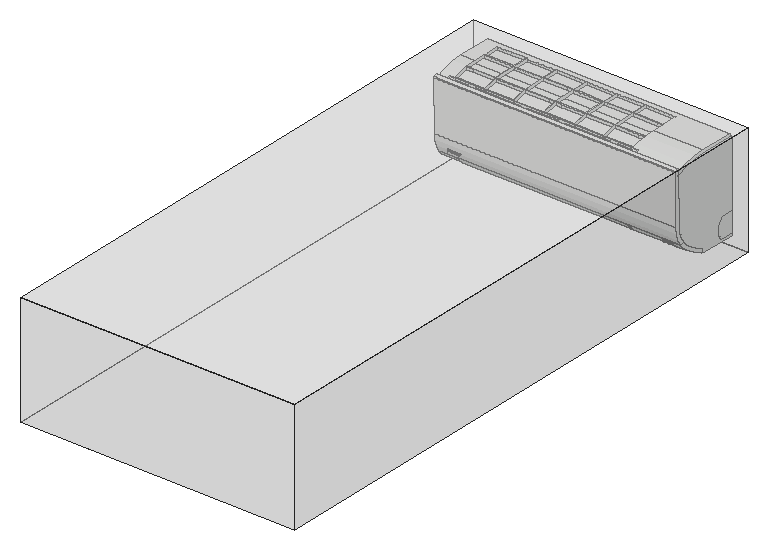
Revit family "outputfile", category 機械設備, Revit 2024
Family settings
  丸型コネクタ寸法 = 半径を使用
  パーツ タイプ = 標準
  OmniClass 番号 = 23.75.10.24.21.27.27
  OmniClass タイトル = Split System Air Conditioning Units
  作業面ベース = いいえ
  常に垂直 = はい
  ロード時にボイドで切り取り = いいえ
  注釈の向きを維持 = いいえ
  共有 = いいえ
  部屋計算ポイント = いいえ
Parameters (values of type "FTKF20CVA")
  Description = ""
  書き出し IFC クラス(タイプ) = "IfcUnitaryEquipmentType"
  定義済み IFC タイプ(タイプ) = "AIRCONDITIONINGUNIT"
  Cost = 0
  Type Comments = ""
  Keynote = ""
  Type Image = (empty or 0)
  Assembly Code = ""
  switch_frequency = yes
  lw_connection [instance] = if(Width = 730.0 mm, 85.0 mm, if(Width = 770.0 mm, 48.0 mm, 60.0 mm))  # 85.0 mm
  製造元 = "Daikin"
  モデル = "FTKF20CVA"
  r_Liquid Pipe Size = Liquid Pipe Size / 2  # 3.2 mm
  r_Gas Pipe Size = Gas Pipe Size / 2  # 4.75 mm
  r_Drain Pipe Size = Drain Pipe Size / 2  # 9.55 mm
  lw_powersupply [instance] = if(Width = 730.0 mm, if(or(Rear Right Connection_refrigerant, Bottom Right Connection_refrigerant), 65.0 mm, if(or(Rear Left Connection_refrigerant, Bottom Left Connection_refrigerant), 695.0 mm, 400.0 mm)), if(Width = 770.0 mm, if(or(Rear Right Connection_refrigerant, Bottom Right Connection_refrigerant), 68.0 mm, if(or(Rear Left Connection_refrigerant, Bottom Left Connection_refrigerant), 705.0 mm, 400.0 mm)), if(or(Rear Right Connection_refrigerant, Bottom Right Connection_refrigerant), 83.0 mm, if(or(Rear Left Connection_refrigerant, Bottom Left Connection_refrigerant), 928.0 mm, 400.0 mm))))  # 400.0 mm
  lw_liquidpipe [instance] = if(Width = 730.0 mm, if(or(Rear Right Connection_refrigerant, Bottom Right Connection_refrigerant), 0.0 mm, if(or(Rear Left Connection_refrigerant, Bottom Left Connection_refrigerant), 582.0 mm, 473.0 mm)), if(Width = 770.0 mm, if(or(Rear Right Connection_refrigerant, Bottom Right Connection_refrigerant), 0.0 mm, if(or(Rear Left Connection_refrigerant, Bottom Left Connection_refrigerant), 682.0 mm, 385.0 mm)), if(or(Rear Right Connection_refrigerant, Bottom Right Connection_refrigerant), 10.0 mm, if(or(Rear Left Connection_refrigerant, Bottom Left Connection_refrigerant), 858.0 mm, 435.0 mm))))  # 473.0 mm
  lw_gaspipe [instance] = if(Width = 730.0 mm, if(or(Rear Right Connection_refrigerant, Bottom Right Connection_refrigerant), 0.0 mm, if(or(Rear Left Connection_refrigerant, Bottom Left Connection_refrigerant), 576.0 mm, 428.0 mm)), if(Width = 770.0 mm, if(or(Rear Right Connection_refrigerant, Bottom Right Connection_refrigerant), 0.0 mm, if(or(Rear Left Connection_refrigerant, Bottom Left Connection_refrigerant), 675.0 mm, 335.0 mm)), if(or(Rear Right Connection_refrigerant, Bottom Right Connection_refrigerant), 0.0 mm, if(or(Rear Left Connection_refrigerant, Bottom Left Connection_refrigerant), 851.0 mm, 400.0 mm))))  # 428.0 mm
  lw_drainpipe [instance] = if(Width = 730.0 mm, if(or(Rear Right Connection_refrigerant, Bottom Right Connection_refrigerant), 0.0 mm, if(or(Rear Left Connection_refrigerant, Bottom Left Connection_refrigerant), 590.0 mm, 488.0 mm)), if(Width = 770.0 mm, if(or(Rear Right Connection_refrigerant, Bottom Right Connection_refrigerant), 0.0 mm, if(or(Rear Left Connection_refrigerant, Bottom Left Connection_refrigerant), 695.0 mm, 440.0 mm)), if(or(Rear Right Connection_refrigerant, Bottom Right Connection_refrigerant), 0.0 mm, if(or(Rear Left Connection_refrigerant, Bottom Left Connection_refrigerant), 888.0 mm, 475.0 mm))))  # 488.0 mm
  l_powersupply_length [instance] = if(Width = 730.0 mm, if(Right Connection_refrigerant, 400.0 mm, if(Left Connection_refrigerant, 330.0 mm, if(or(Bottom Left Connection_refrigerant, Bottom Right Connection_refrigerant), 57.0 mm, if(or(Rear Left Connection_refrigerant, Rear Right Connection_refrigerant), 15.0 mm, 50.0 mm)))), if(Width = 770.0 mm, if(Right Connection_refrigerant, 400.0 mm, if(Left Connection_refrigerant, 370.0 mm, if(or(Bottom Left Connection_refrigerant, Bottom Right Connection_refrigerant), 57.0 mm, if(or(Rear Left Connection_refrigerant, Rear Right Connection_refrigerant), 15.0 mm, 50.0 mm)))), if(Right Connection_refrigerant, 400.0 mm, if(Left Connection_refrigerant, 590.0 mm, if(or(Bottom Left Connection_refrigerant, Bottom Right Connection_refrigerant), 57.0 mm, if(or(Rear Left Connection_refrigerant, Rear Right Connection_refrigerant), 15.0 mm, 50.0 mm))))))  # 400.0 mm
  l_liquidpipe_length [instance] = if(Width = 730.0 mm, if(Right Connection_refrigerant, 558.0 mm, if(Left Connection_refrigerant, 172.0 mm, if(or(Bottom Left Connection_refrigerant, Bottom Right Connection_refrigerant), 48.0 mm, if(or(Rear Left Connection_refrigerant, Rear Right Connection_refrigerant), 30.0 mm, 40.0 mm)))), if(Width = 770.0 mm, if(Right Connection_refrigerant, 433.0 mm, if(Left Connection_refrigerant, 337.0 mm, if(or(Bottom Left Connection_refrigerant, Bottom Right Connection_refrigerant), 48.0 mm, if(or(Rear Left Connection_refrigerant, Rear Right Connection_refrigerant), 30.0 mm, 40.0 mm)))), if(Right Connection_refrigerant, 495.0 mm, if(Left Connection_refrigerant, 495.0 mm, if(or(Bottom Left Connection_refrigerant, Bottom Right Connection_refrigerant), 48.0 mm, if(or(Rear Left Connection_refrigerant, Rear Right Connection_refrigerant), 30.0 mm, 40.0 mm))))))  # 558.0 mm
  l_gaspipe_length [instance] = if(Width = 730.0 mm, if(Right Connection_refrigerant, 513.0 mm, if(Left Connection_refrigerant, 217.0 mm, if(or(Bottom Left Connection_refrigerant, Bottom Right Connection_refrigerant), 57.0 mm, if(or(Rear Left Connection_refrigerant, Rear Right Connection_refrigerant), 40.0 mm, 50.0 mm)))), if(Width = 770.0 mm, if(Right Connection_refrigerant, 383.0 mm, if(Left Connection_refrigerant, 387.0 mm, if(or(Bottom Left Connection_refrigerant, Bottom Right Connection_refrigerant), 57.0 mm, if(or(Rear Left Connection_refrigerant, Rear Right Connection_refrigerant), 40.0 mm, 50.0 mm)))), if(Right Connection_refrigerant, 460.0 mm, if(Left Connection_refrigerant, 530.0 mm, if(or(Bottom Left Connection_refrigerant, Bottom Right Connection_refrigerant), 57.0 mm, if(or(Rear Left Connection_refrigerant, Rear Right Connection_refrigerant), 40.0 mm, 50.0 mm))))))  # 513.0 mm
  l_drainpipe_length [instance] = if(Width = 730.0 mm, if(Right Connection_refrigerant, 573.0 mm, if(Left Connection_refrigerant, 157.0 mm, if(or(Bottom Left Connection_refrigerant, Bottom Right Connection_refrigerant), 35.0 mm, if(or(Rear Left Connection_refrigerant, Rear Right Connection_refrigerant), 15.0 mm, 20.0 mm)))), if(Width = 770.0 mm, if(Right Connection_refrigerant, 488.0 mm, if(Left Connection_refrigerant, 282.0 mm, if(or(Bottom Left Connection_refrigerant, Bottom Right Connection_refrigerant), 35.0 mm, if(or(Rear Left Connection_refrigerant, Rear Right Connection_refrigerant), 15.0 mm, 20.0 mm)))), if(Right Connection_refrigerant, 535.0 mm, if(Left Connection_refrigerant, 455.0 mm, if(or(Bottom Left Connection_refrigerant, Bottom Right Connection_refrigerant), 35.0 mm, if(or(Rear Left Connection_refrigerant, Rear Right Connection_refrigerant), 15.0 mm, 20.0 mm))))))  # 573.0 mm
  h*** = 0.0 mm  # constant formula
  connector_voltage = Voltage_60Hz  # 220 V
  connector_powerinput = [Power Input (Cooling)]  # 0.000 kW
  connector_phase = Phase_60Hz  # 1
  angle_vertical [instance] = if(or(Bottom Left Connection_refrigerant, Bottom Right Connection_refrigerant), 0.00°, 90.00°)  # 90.00°
  angle_horizontal [instance] = if(Right Connection_refrigerant, 90.00°, if(Left Connection_refrigerant, -90.00°, if(or(Rear Left Connection_refrigerant, Rear Right Connection_refrigerant), 180.00°, 0.00°)))  # 90.00°
  Width = 730.0 mm
  Voltage_comment_60Hz = "220"
  Voltage_60Hz = 220 V
  Version = "ver.1.0"
  Unit Type = "Wall Mounted"
  Unit Mass Weight = 8.50 kg
  Unit Designation [instance] = ""
  Uniclass2015Version = "Products v1.30"
  Uniclass2015Title = "Split coil room air conditioning units"
  Uniclass2015Code = "Pr_70_65_03_86"
  URL = ""
  Total Cooling Capacity [instance] = 0.000 kW
  Sound Pressure Level_M speed (dBA) = 33
  Sound Pressure Level_L speed (dBA) = 26
  Sound Pressure Level_H speed (dBA) = 39
  Sound Power Level_H speed (dB) = 0
  Series = "Single Split_Fan Coil Unit"
  Sensible Cooling Capacity [instance] = 0.000 kW
  Refrigerant Type = "R32"
  Power Input (Cooling) = 0.000 kW
  Phase_60Hz = 1
  Option Accessory 3 [instance] = ""
  Option Accessory 2 [instance] = ""
  Option Accessory 1 [instance] = ""
  Nominal Cooling Capacity = 1.990 kW
  Minimum Circuit Amps_60Hz = 0.0 A
  Minimum Airflow = 348.00 m³/h
  Median Airflow = 442.00 m³/h
  Maximum Fuse Amps_60Hz = 0.0 A
  Maximum Airflow = 578.00 m³/h
  Material_Casing = DAIKIN_White_Casing_indoorunit
  Load Classification = HVAC
  Liquid Pipe Size = 6.4 mm
  Link_Nested Family [instance] = ""
  IfcVersion = ""
  IfcExportType = "AIRCONDITIONINGUNIT"
  IfcExportAs = "IfcUnitaryEquipmentType"
  Height = 280.0 mm
  Heat Exchanger Type = "Cross Fin Coil"
  Gas Pipe Size = 9.5 mm
  Frequency_60Hz = 60 Hz
  Fan Type = "Cross Flow Fan"
  Fan Drive = "Direct Drive"
  FCU Tag No. [instance] = ""
  Drain Pipe Size = 19.1 mm
  Design Supply Airflow [instance] = 0.00 m³/h
  Depth = 213.0 mm
  既定の高さ = 0.0 mm
  Cooling Entering Wet Bulb Temperature [instance] = 0.00 °C
  Cooling Entering Dry Bulb Temperature [instance] = 0.00 °C
  Cooling Ambient Wet Bulb Temperature [instance] = 0.00 °C
  Cooling Ambient Dry Bulb Temperature [instance] = 0.00 °C
  Clearance visibility [instance] = yes
  Clearance Top = 30.0 mm
  Clearance Right = 50.0 mm
  Clearance Rear = 0.0 mm
  Clearance Left = 50.0 mm
  Clearance Front = 1500.0 mm
  Clearance Bottom = 30.0 mm
  Bottom Right Connection_refrigerant [instance] = no
  Bottom Left Connection_refrigerant [instance] = no
  Rear Right Connection_refrigerant [instance] = no
  Rear Left Connection_refrigerant [instance] = no
  Right Connection_refrigerant [instance] = yes
  Left Connection_refrigerant [instance] = no
Reference planes
  plane 1 "Back": y = 0
  plane 2: z = 0
  plane 3 "Center (Left/Right)": x = 0
  plane 4 "Center (Front/Back)": y = -106.5
  plane 5 "Front": y = -213
  plane 6 "Left": x = -365
  plane 7 "Right": x = 365
  plane 8 "Top": z = 0
  plane 9 "Bottom": z = -280
  plane 10 "Front panel_Left": x = -363
  plane 11 "Front panel_Right": x = 363
  plane 12: x = 229
  plane 13: x = 224
  plane 14: x = -415
  plane 15: x = 415
  plane 16: y = 0
  plane 17: y = -213
  plane 18: z = 30
  plane 19: z = -310
  plane 20 "lw_Piping and Wiring intake": x = 280
  plane 21 "lw_gaspipe": x = -148
  plane 22 "lw_liquidpipe": x = -193
  plane 23 "lw_drainpipe": x = -208
  plane 24 "lh_drainpipe": z = -245
  plane 25 "lh_liquidpipe": z = -232
  plane 26 "lh_gaspipe": z = -223
  plane 27 "ld_drainpipe": y = -15
  plane 28 "ld_liquidpipe": y = -30
  plane 29 "ld_gaspipe": y = -40
  plane 30 "lw_powersupply": x = -35
  plane 31: y = -1713
Dimensions and locks
  equal spacing: plane 6 "Left", plane 3 "Center (Left/Right)", plane 7 "Right"
  "Width": plane 6 "Left" to plane 7 "Right"
  equal spacing: plane 5 "Front", plane 4 "Center (Front/Back)", plane 1 "Back"
  "Depth": plane 5 "Front" to plane 1 "Back"
  "Height": plane 8 "Top" to plane 9 "Bottom"
  locked: plane 10 "Front panel_Left" to plane 6 "Left" at 2
  locked: plane 7 "Right" to plane 11 "Front panel_Right" at 2
  locked: plane 7 "Right" to plane 12 at 136
  locked: plane 12 to plane 13 at 5
  "Clearance Rear": plane 16 to plane 1 "Back"
  "Clearance Top": plane 18 to plane 8 "Top"
  "Clearance Bottom": plane 9 "Bottom" to plane 19
  "lw_connection": plane 20 "lw_Piping and Wiring intake" to plane 7 "Right"
  "lw_gaspipe": plane 21 "lw_gaspipe" to plane 20 "lw_Piping and Wiring intake"
  "lw_liquidpipe": plane 22 "lw_liquidpipe" to plane 20 "lw_Piping and Wiring intake"
  "lw_drainpipe": plane 23 "lw_drainpipe" to plane 20 "lw_Piping and Wiring intake"
  locked: plane 24 "lh_drainpipe" to plane 9 "Bottom" at 35
  locked: plane 25 "lh_liquidpipe" to plane 9 "Bottom" at 48
  locked: plane 26 "lh_gaspipe" to plane 9 "Bottom" at 57
  locked: plane 27 "ld_drainpipe" to plane 1 "Back" at 15
  locked: plane 1 "Back" to plane 28 "ld_liquidpipe" at 30
  locked: plane 1 "Back" to plane 29 "ld_gaspipe" at 40
  "lw_powersupply": plane 30 "lw_powersupply" to plane 7 "Right"
  "Clearance Left": plane 14 to plane 6 "Left"
  "Clearance Right": plane 7 "Right" to plane 15
  "Clearance Front": plane 5 "Front" to plane 31
  aligned and locked: level to plane 2
  aligned and locked: plane 16 to nested 1
  aligned and locked: nested 1 to plane 14
  aligned and locked: nested 1 to plane 15
  aligned and locked: plane 19 to nested 1
  aligned and locked: plane 18 to nested 1
  aligned and locked: plane 21 "lw_gaspipe" to nested 2
  aligned and locked: nested 2 to plane 29 "ld_gaspipe"
  aligned and locked: plane 22 "lw_liquidpipe" to nested 3
  aligned and locked: nested 3 to plane 28 "ld_liquidpipe"
  aligned and locked: plane 23 "lw_drainpipe" to nested 4
  aligned and locked: nested 4 to plane 27 "ld_drainpipe"
  aligned and locked: nested 5 to plane 27 "ld_drainpipe"
  aligned and locked: plane 30 "lw_powersupply" to nested 5
  aligned and locked: level to plane 8 "Top"
  aligned and locked: nested 1 to plane 31
Nested families
  nested 1: "daikin_clearancespace" at (0, -856.5, -139.881), show <- "Clearance visibility", visible <- "Clearance visibility", Link_Nested Family <- "Link_Nested Family", type "daikin_clearancespace"
    with width 830.0 mm, show yes, height 340.0 mm, depth 1713.0 mm, Link_Nested Family ""
  nested 2: "daikin_connector_rotate3" at (-148, -40, -223), angle_vertical <- "angle_vertical", angle_horizontal <- "angle_horizontal", length <- "l_gaspipe_length", radius <- "r_Gas Pipe Size", type "daikin_connector_rotate3"
    with show no, radius 4.75 mm, length 513.0 mm, angle_vertical 90.00°, angle_horizontal 90.00°
  nested 3: "daikin_connector_rotate3" at (-193, -30, -232), angle_vertical <- "angle_vertical", angle_horizontal <- "angle_horizontal", radius <- "r_Liquid Pipe Size", length <- "l_liquidpipe_length", type "daikin_connector_rotate3"
    with show no, radius 3.2 mm, length 558.0 mm, angle_vertical 90.00°, angle_horizontal 90.00°
  nested 4: "daikin_connector_rotate3" at (-208, -15, -245), angle_vertical <- "angle_vertical", angle_horizontal <- "angle_horizontal", length <- "l_drainpipe_length", radius <- "r_Drain Pipe Size", type "daikin_connector_rotate3"
    with show no, radius 9.55 mm, length 573.0 mm, angle_vertical 90.00°, angle_horizontal 90.00°
  nested 5: "daikin_connector_rotate3" at (-35, -15, -223), angle_vertical <- "angle_vertical", angle_horizontal <- "angle_horizontal", length <- "l_powersupply_length", type "daikin_connector_rotate3"
    with show no, radius 10.0 mm, length 400.0 mm, angle_vertical 90.00°, angle_horizontal 90.00°
  nested 6: "DAIKIN_indoorunit_FTKF-CVA" at (-31, 0, 0), type "FTKF-CVA"
Connectors
  piping at (365, -40, -223), diameter 9.5, driven by "r_Gas Pipe Size"
    settings: on nested 2, index 1, connector inside diameter 609.6 mm, connector length 0.0 mm, flow factor 0, pipe flow 0.00 m³/h, pressure drop 0.0 Pa, fitting loss kfactor 0, connector angle 0.00°, fixture units 0, engagement length 0.0 mm, angle of deflection 0.00°, flow configuration 1, flow direction 2, fitting loss method 0, system type 29, joint type 0, gender type 0, connector reference index -1, connector utility 0, adjustable connector no, is connector primary yes, connector description "Refrigerant Gas Piping"
  piping at (365, -30, -232), diameter 6.4, driven by "r_Liquid Pipe Size"
    settings: on nested 3, index 2, connector inside diameter 609.6 mm, connector length 0.0 mm, flow factor 0, pipe flow 0.00 m³/h, pressure drop 0.0 Pa, fitting loss kfactor 0, connector angle 0.00°, fixture units 0, engagement length 0.0 mm, angle of deflection 0.00°, flow configuration 1, flow direction 1, fitting loss method 0, system type 29, joint type 0, gender type 0, connector reference index -1, connector utility 0, adjustable connector no, is connector primary no, connector description "Refrigerant Liquid Piping"
  piping at (365, -15, -245), diameter 19.1, driven by "r_Drain Pipe Size"
    settings: on nested 4, index 3, connector inside diameter 609.6 mm, connector length 0.0 mm, flow factor 0, pipe flow 0.00 m³/h, pressure drop 0.0 Pa, fitting loss kfactor 0, connector angle 0.00°, fixture units 0, engagement length 0.0 mm, angle of deflection 0.00°, flow configuration 1, flow direction 2, fitting loss method 4, system type 16, joint type 0, gender type 0, connector reference index -1, connector utility 0, adjustable connector no, is connector primary no, connector description "Condensate Drain Piping"
  electrical at (365, -15, -223), driven by "Load Classification", driven by "connector_phase", driven by "connector_powerinput", driven by "connector_voltage"
    settings: on nested 5, index 4, voltage 220 V, apparent load 0 VA, apparent load phase1 0 VA, apparent load phase2 0 VA, apparent load phase3 0 VA, power factor 1, load classification "HVAC", number of poles 1, system type 30, power factor state 1, is connector primary yes, connector utility no, sub classification motor no, connector description "Power Supply"
Definition of nested family "daikin_clearancespace"
  Parameters (values of type "daikin_clearancespace")
    Description = "daikin_clearancespace"
    width [instance] = 1823.963 mm
    show [instance] = yes
    material = none
    height [instance] = 1359.762 mm
    depth [instance] = 880.0 mm
    Default Elevation = 0.0 mm
    Link_Nested Family [instance] = ""
  Reference planes
    plane 1 "Center (Front/Back)": y = 0
    plane 2 "Center (Elevation)": z = -0.119
    plane 3 "Center (Left/Right)": x = 0
    plane 4: y = 440
    plane 5: y = -440
    plane 6 "Right": x = 911.982
    plane 7 "Left": x = -911.982
    plane 8 "Top": z = 679.762
    plane 9 "Bottom": z = -680
  Forms (mm)
    Extrusion 1, solid, material <- "material", visible <- "show"
      sketch origin (0, 0, 0) x (1, 0, 0) y (0, 1, 0)
        loop
          line (-911.982, 440) -> (-911.982, -440) -> (911.982, -440) -> (911.982, 440) -> (-911.982, 440)
      from -680 to 679.762
  Lines and regions (mm)
    symbolic lines, visible <- "show"
      curve 1: line (911.982, 440, 0) -> (-911.982, 440, 0)
      curve 2: line (-911.982, 440, 0) -> (-911.982, -440, 0)
      curve 3: line (-911.982, -440, 0) -> (911.982, -440, 0)
      curve 4: line (911.982, -440, 0) -> (911.982, 440, 0)
      curve 5: line (911.982, 0, 679.762) -> (-911.982, 0, 679.762)
      curve 6: line (911.982, 0, -680) -> (911.982, 0, 679.762)
      curve 7: line (-911.982, 0, -680) -> (911.982, 0, -680)
      curve 8: line (-911.982, 0, 679.762) -> (-911.982, 0, -680)
      curve 9: line (0, 440, 679.762) -> (0, -440, 679.762)
      curve 10: line (0, -440, 679.762) -> (0, -440, -680)
      curve 11: line (0, 440, -680) -> (0, 440, 679.762)
      curve 12: line (0, -440, -680) -> (0, 440, -680)
  Dimensions and locks
    "width": plane 7 "Left" to plane 6 "Right"
    "depth": plane 4 to plane 5
    "height": plane 8 "Top" to plane 9 "Bottom"
    equal spacing: plane 7 "Left", plane 3 "Center (Left/Right)", plane 6 "Right"
    equal spacing: plane 4, plane 1 "Center (Front/Back)", plane 5
    equal spacing: plane 8 "Top", plane 2 "Center (Elevation)", plane 9 "Bottom"
    aligned and locked: level to plane 2 "Center (Elevation)"
    aligned and locked: Extrusion 1 sketch curve to plane 4
    aligned and locked: plane 7 "Left" to Extrusion 1 sketch curve
    aligned and locked: Extrusion 1 sketch curve to plane 5
    aligned and locked: Extrusion 1 sketch curve to plane 6 "Right"
    aligned and locked: plane 8 "Top" to Extrusion 1
    aligned and locked: curve 1 to Extrusion 1
    aligned and locked: curve 2 to Extrusion 1
    aligned and locked: curve 3 to Extrusion 1
    aligned and locked: curve 4 to Extrusion 1
    aligned and locked: curve 5 to Extrusion 1
    aligned and locked: curve 6 to Extrusion 1
    aligned and locked: curve 7 to Extrusion 1
    aligned and locked: curve 8 to Extrusion 1
    aligned and locked: curve 9 to Extrusion 1
    aligned and locked: curve 10 to Extrusion 1
    aligned and locked: curve 11 to Extrusion 1
    aligned and locked: curve 12 to Extrusion 1
    aligned and locked: Extrusion 1 to plane 9 "Bottom"
Definition of nested family "DAIKIN_indoorunit_FTKF-CVA"
  Parameters (values of type "FTKF-CVA")
    switch_unit1_60-71 = Width = 990.0 mm  # no
    switch_unit1_35-50 = Width = 770.0 mm  # no
    switch_unit1_20-25 = Width = 730.0 mm  # yes
    Width = 730.0 mm
    WALL HOLE-R = if(Width = 730.0 mm, 79.0 mm, 48.0 mm)  # 79.0 mm
    Material_Casing = none
    Height = if(Width = 730.0 mm, 280.0 mm, if(Width = 770.0 mm, 288.0 mm, 297.0 mm))  # 280.0 mm
    Default Elevation = 0.0 mm
  Reference planes
    plane 1 "Center (Front/Back)": y = 0
    plane 2 "reference_level": z = 0
    plane 3 "Center (Left/Right)": x = 31
    plane 4: x = -334
    plane 5: x = 396
    plane 6: z = -280
  Forms (mm)
    Extrusion 1, solid, material <- "Material_Casing", visible <- "switch_unit1_20-25"
      sketch origin (31, 0, 0) x (0, 1, 0) y (0, 0, 1)
        loop
          line (-109.519, -8) -> (-2.596, -8) -> (-8.198, 0) -> (-109.608, 0)
          arc (-109.608, 0) -> (-157.226, -5.2) -> (-202.599, -20.555) r 220.623
          line (-202.599, -20.555) -> (-202.447, -29.25)
          arc (-202.447, -29.25) -> (-157.182, -13.38) -> (-109.519, -8) r 213.82
      from -365 to 365
    Extrusion 2, solid, material <- "Material_Casing", visible <- "switch_unit1_20-25"
      sketch origin (416, 1304.033, 1200.206) x (0, 1, 0) y (0, 0, 1)
        loop
          arc (-1496.513, -1423.164) -> (-1487.225, -1434.204) -> (-1476.373, -1443.711) r 95
          arc (-1476.373, -1443.711) -> (-1448.371, -1461.92) -> (-1418.191, -1476.232) r 250
          line (-1418.191, -1476.232) -> (-1418.191, -1465.318)
          arc (-1418.191, -1465.318) -> (-1445.052, -1452.134) -> (-1470.063, -1435.711) r 240
          arc (-1470.063, -1435.711) -> (-1477.766, -1429.186) -> (-1484.641, -1421.794) r 85
          line (-1484.641, -1421.794) -> (-1496.513, -1423.164)
      from -20 to -177
    Extrusion 3, solid, material <- "Material_Casing", visible <- "switch_unit1_20-25"
      sketch origin (31, 0, 0) x (0, 1, 0) y (0, 0, 1)
        loop
          line (-202.769, -10.816) -> (-211.618, -13.692)
          arc (-211.618, -13.692) -> (-212.628, -14.432) -> (-213, -15.629) r 2
          line (-213, -15.629) -> (-210.348, -167.5)
          arc (-210.348, -167.5) -> (-206.029, -195.818) -> (-193.465, -221.562) r 95
          line (-193.465, -221.562) -> (-181.653, -220.199)
          arc (-181.653, -220.199) -> (-195.31, -195.356) -> (-200.037, -167.403) r 85
          line (-200.037, -167.403) -> (-202.769, -10.816)
      from -365 to 365
    Extrusion 4, solid, material <- "Material_Casing", visible <- "switch_unit1_20-25"
      sketch origin (31, 0, 0) x (0, 1, 0) y (0, 0, 1)
        loop
          line (0, -280) -> (0, -11.707) -> (-2.596, -8) -> (-109.519, -8)
          arc (-109.519, -8) -> (-156.378, -13.198) -> (-200.959, -28.539) r 213.82
          line (-200.959, -28.539) -> (-198.537, -167.295)
          arc (-198.537, -167.295) -> (-189.766, -204.754) -> (-165.131, -234.305) r 83.5
          arc (-165.131, -234.305) -> (-139.841, -250.873) -> (-112.659, -264.109) r 238.5
          line (-112.659, -264.109) -> (-112.659, -276.338)
          arc (-112.659, -276.338) -> (-100.834, -279.079) -> (-88.731, -280) r 80
          line (-88.731, -280) -> (0, -280)
      from -365 to 365
    Extrusion 5, solid, material <- "Material_Casing", visible <- "switch_unit1_20-25"
      sketch origin (-354, 1304.033, 1200.206) x (0, 1, 0) y (0, 0, 1)
        loop
          arc (-1496.513, -1423.164) -> (-1487.225, -1434.204) -> (-1476.373, -1443.711) r 95
          arc (-1476.373, -1443.711) -> (-1448.371, -1461.92) -> (-1418.191, -1476.232) r 250
          line (-1418.191, -1476.232) -> (-1418.191, -1465.318)
          arc (-1418.191, -1465.318) -> (-1445.052, -1452.134) -> (-1470.063, -1435.711) r 240
          arc (-1470.063, -1435.711) -> (-1477.766, -1429.186) -> (-1484.641, -1421.794) r 85
          line (-1484.641, -1421.794) -> (-1496.513, -1423.164)
      from 72 to 20
    Extrusion 6, solid, material <- "Material_Casing", visible <- "switch_unit1_20-25"
      sketch origin (31, 7.782, 0.206) x (0, 1, 0) y (0, 0, 1)
        loop
          line (-188.39, -221.794) -> (-200.262, -223.164)
          arc (-200.262, -223.164) -> (-190.975, -234.204) -> (-180.122, -243.711) r 95
          arc (-180.122, -243.711) -> (-152.12, -261.92) -> (-121.941, -276.232) r 250
          line (-121.941, -276.232) -> (-121.941, -265.318)
          arc (-121.941, -265.318) -> (-148.801, -252.134) -> (-173.813, -235.711) r 240
          arc (-173.813, -235.711) -> (-181.515, -229.186) -> (-188.39, -221.794) r 85
      from 204 to -309
    Extrusion 7, void
      sketch origin (31, 0, -235) x (1, 0, 0) y (0, 1, 0)
        loop
          line (-324.633, -72.419) -> (-304, -73.5) -> (-234.9, -73.5) -> (-234.9, -24.5) -> (-324.633, -24.5) -> (-324.633, -72.419)
        loop
          line (-304, -74.9) -> (-324.633, -75.939) -> (-324.633, -139.819) -> (-304, -140.9) -> (-234.9, -140.9) -> (-234.9, -74.9) -> (-304, -74.9)
        loop
          line (-304, -142.3) -> (-324.633, -143.326) -> (-324.633, -182.209) -> (-300, -183.5) -> (-234.9, -183.5) -> (-234.9, -142.3) -> (-304, -142.3)
        loop
          line (-233.5, -142.3) -> (-233.5, -183.5) -> (-146.9, -183.5) -> (-146.9, -142.3) -> (-233.5, -142.3)
        loop
          line (-233.5, -140.9) -> (-146.9, -140.9) -> (-146.9, -74.9) -> (-233.5, -74.9) -> (-233.5, -140.9)
        loop
          line (-233.5, -73.5) -> (-146.9, -73.5) -> (-146.9, -24.5) -> (-233.5, -24.5) -> (-233.5, -73.5)
        loop
          line (-145.5, -73.5) -> (-74.9, -73.5) -> (-54.9, -72.452) -> (-54.9, -24.5) -> (-145.5, -24.5) -> (-145.5, -73.5)
        loop
          line (-145.5, -74.9) -> (-145.5, -140.9) -> (-74.9, -140.9) -> (-54.9, -139.852) -> (-54.9, -75.948) -> (-74.9, -74.9) -> (-145.5, -74.9)
        loop
          line (-145.5, -142.3) -> (-145.5, -183.5) -> (-74.9, -183.5) -> (-54.9, -182.452) -> (-54.9, -143.348) -> (-74.9, -142.3) -> (-145.5, -142.3)
        loop
          line (-53.5, -24.5) -> (-53.5, -72.452) -> (-33.5, -73.5) -> (36.5, -73.5) -> (36.5, -24.5) -> (-53.5, -24.5)
        loop
          line (-53.5, -75.948) -> (-53.5, -139.852) -> (-33.5, -140.9) -> (36.5, -140.9) -> (36.5, -74.9) -> (-33.5, -74.9) -> (-53.5, -75.948)
        loop
          line (-33.5, -142.3) -> (-53.5, -143.348) -> (-53.5, -182.452) -> (-33.5, -183.5) -> (36.5, -183.5) -> (36.5, -142.3) -> (-33.5, -142.3)
        loop
          line (37.9, -24.5) -> (37.9, -73.5) -> (124.9, -73.5) -> (124.9, -24.5) -> (37.9, -24.5)
        loop
          line (37.9, -74.9) -> (37.9, -140.9) -> (124.9, -140.9) -> (124.9, -74.9) -> (37.9, -74.9)
        loop
          line (37.9, -142.3) -> (37.9, -183.5) -> (124.9, -183.5) -> (124.9, -142.3) -> (37.9, -142.3)
        loop
          line (126.3, -24.5) -> (126.3, -73.5) -> (195.6, -73.5) -> (216, -72.431) -> (216, -24.5) -> (126.3, -24.5)
        loop
          line (126.3, -74.9) -> (126.3, -140.9) -> (198.5, -140.9) -> (216, -139.983) -> (216, -75.817) -> (198.5, -74.9) -> (126.3, -74.9)
        loop
          line (126.3, -142.3) -> (126.3, -183.5) -> (198.337, -183.5) -> (216, -182.623) -> (216, -143.217) -> (198.5, -142.3) -> (126.3, -142.3)
      from 201.638 to 250
    Extrusion 8, solid, material <- "Material_Casing"
      sketch origin (31, 0, 0) x (1, 0, 0) y (0, 0, 1)
        loop
          circle (286, -235) r 40
        loop
          circle (-317, -235) r 40
      from 0 to 5
    Extrusion 9, solid, material <- "Material_Casing", visible <- "switch_unit1_20-25"
      sketch origin (396, 1296.25, 1200) x (0, -1, 0) y (0, 0, 1)
        loop
          line (1326.25, -1413) -> (1296.25, -1413) -> (1296.25, -1473) -> (1326.25, -1473)
          arc (1326.25, -1473) -> (1340.393, -1467.142) -> (1346.25, -1453) r 20
          line (1346.25, -1453) -> (1346.25, -1433)
          arc (1346.25, -1433) -> (1340.393, -1418.858) -> (1326.25, -1413) r 20
      from 0 to 5
    Extrusion 10, solid, material <- "Material_Casing", visible <- "switch_unit1_20-25"
      sketch origin (-334, 1296.25, 1200) x (0, 1, 0) y (0, 0, 1)
        loop
          line (-1296.25, -1413) -> (-1326.25, -1413)
          arc (-1326.25, -1413) -> (-1340.393, -1418.858) -> (-1346.25, -1433) r 20
          line (-1346.25, -1433) -> (-1346.25, -1453)
          arc (-1346.25, -1453) -> (-1340.393, -1467.142) -> (-1326.25, -1473) r 20
          line (-1326.25, -1473) -> (-1296.25, -1473) -> (-1296.25, -1413)
      from 0 to 5
    Extrusion 11, solid, material <- "Material_Casing", visible <- "switch_unit1_20-25"
      sketch origin (11, 0, -285) x (-1, 0, 0) y (0, -1, 0)
        loop
          line (-279, 0) -> (-279, 30)
          arc (-279, 30) -> (-284.419, 43.081) -> (-297.5, 48.5) r 18.5
          line (-297.5, 48.5) -> (-320.5, 48.5)
          arc (-320.5, 48.5) -> (-333.581, 43.081) -> (-339, 30) r 18.5
          line (-339, 30) -> (-339, 0) -> (-279, 0)
        loop
          line (326, 0) -> (326, 30)
          arc (326, 30) -> (320.581, 43.081) -> (307.5, 48.5) r 18.5
          line (307.5, 48.5) -> (284.5, 48.5)
          arc (284.5, 48.5) -> (271.419, 43.081) -> (266, 30) r 18.5
          line (266, 30) -> (266, 0) -> (326, 0)
      from 10 to 5
    Extrusion 12, solid, material <- "Material_Casing", visible <- "switch_unit1_35-50"
      sketch origin (31, 0, 0) x (0, 1, 0) y (0, 0, 1)
        loop
          line (-5, 0) -> (-45.84, 0)
          arc (-45.84, 0) -> (-135.906, -3.965) -> (-225.275, -15.831) r 1024.823
          arc (-225.275, -15.831) -> (-224.639, -21.302) -> (-223.878, -26.758) r 241.564
          arc (-223.878, -26.758) -> (-135.207, -14.947) -> (-45.84, -11) r 1013.66
          line (-45.84, -11) -> (0, -11) -> (0, -9.02) -> (-5, 0)
      from -385 to 385
    Extrusion 13, solid, material <- "Material_Casing", visible <- "switch_unit1_35-50"
      sketch origin (31, 0, 0) x (0, 1, 0) y (0, 0, 1)
        loop
          arc (-226.673, -12.416) -> (-229.519, -12.929) -> (-232.363, -13.449) r 1025.776
          arc (-232.363, -13.449) -> (-233.586, -14.198) -> (-233.994, -15.573) r 2
          line (-233.994, -15.573) -> (-218.08, -217.408)
          arc (-218.08, -217.408) -> (-211.296, -237.286) -> (-195.807, -251.472) r 42.415
          line (-195.807, -251.472) -> (-186.556, -243.946)
          arc (-186.556, -243.946) -> (-193.981, -235.221) -> (-197.648, -224.366) r 30.386
          line (-197.648, -224.366) -> (-226.673, -12.416)
      from -385 to 385
    Extrusion 14, void
      sketch origin (33, 0, 0) x (1, 0, 0) y (0, 1, 0)
        loop
          line (-357.499, -23.5) -> (-357.499, -96.7) -> (-255.999, -96.7) -> (-255.999, -23.5) -> (-357.499, -23.5)
        loop
          line (-255.999, -99.1) -> (-357.499, -99.1) -> (-357.499, -170.1) -> (-255.999, -170.1) -> (-255.999, -99.1)
        loop
          line (-255.999, -171.7) -> (-357.499, -171.7) -> (-357.499, -201.7) -> (-255.999, -201.7) -> (-255.999, -171.7)
        loop
          line (-253.399, -23.5) -> (-253.399, -96.7) -> (-153.899, -96.7) -> (-153.899, -23.5) -> (-253.399, -23.5)
        loop
          line (-253.399, -99.1) -> (-253.399, -170.1) -> (-153.899, -170.1) -> (-153.899, -99.1) -> (-253.399, -99.1)
        loop
          line (-153.899, -171.7) -> (-253.399, -171.7) -> (-253.399, -201.7) -> (-153.899, -201.7) -> (-153.899, -171.7)
        loop
          line (-56.549, -23.5) -> (-151.299, -23.5) -> (-151.299, -96.7) -> (-56.549, -96.7) -> (-56.549, -23.5)
        loop
          line (-151.299, -99.1) -> (-151.299, -170.1) -> (-56.549, -170.1) -> (-56.549, -99.1) -> (-151.299, -99.1)
        loop
          line (-56.549, -171.7) -> (-151.299, -171.7) -> (-151.299, -201.7) -> (-56.549, -201.7) -> (-56.549, -171.7)
        loop
          line (50.301, -23.5) -> (-44.549, -23.5) -> (-44.549, -96.7) -> (50.301, -96.7) -> (50.301, -23.5)
        loop
          line (-44.549, -99.1) -> (-44.549, -170.1) -> (50.301, -170.1) -> (50.301, -99.1) -> (-44.549, -99.1)
        loop
          line (50.301, -171.7) -> (-44.549, -171.7) -> (-44.549, -201.7) -> (50.301, -201.7) -> (50.301, -171.7)
        loop
          line (52.901, -23.5) -> (52.901, -96.7) -> (152.401, -96.7) -> (152.401, -23.5) -> (52.901, -23.5)
        loop
          line (52.901, -99.1) -> (52.901, -170.1) -> (152.401, -170.1) -> (152.401, -99.1) -> (52.901, -99.1)
        loop
          line (52.901, -171.7) -> (52.901, -201.7) -> (152.401, -201.7) -> (152.401, -171.7) -> (52.901, -171.7)
        loop
          line (155.001, -23.5) -> (155.001, -96.7) -> (256.501, -96.7) -> (256.501, -23.5) -> (155.001, -23.5)
        loop
          line (155.001, -99.1) -> (155.001, -170.1) -> (217.501, -170.1) -> (229.501, -170.1) -> (241.501, -170.1) -> (256.501, -170.1) -> (256.501, -152.1) -> (256.501, -134.1) -> (256.501, -116.1) -> (256.501, -99.1) -> (241.501, -99.1) -> (229.501, -99.1) -> (217.501, -99.1) -> (155.001, -99.1)
        loop
          line (155.001, -171.7) -> (155.001, -201.7) -> (217.501, -201.7) -> (229.501, -201.7) -> (241.501, -201.7) -> (256.501, -201.7) -> (256.501, -171.7) -> (241.501, -171.7) -> (229.501, -171.7) -> (217.501, -171.7) -> (155.001, -171.7)
      from -40.013 to 47.268
    Extrusion 15, solid, material <- "Material_Casing", visible <- "switch_unit1_35-50"
      sketch origin (-356, 1308.25, 1200) x (0, 1, 0) y (0, 0, -1)
        loop
          line (-1407.524, 1473.254) -> (-1407.524, 1484.154)
          arc (-1407.524, 1484.154) -> (-1456.679, 1472.122) -> (-1503.106, 1451.987) r 299.52
          line (-1503.106, 1451.987) -> (-1494.032, 1444.604)
          arc (-1494.032, 1444.604) -> (-1451.915, 1462.363) -> (-1407.524, 1473.254) r 288.723
      from -2 to -49.5
    Extrusion 16, solid, material <- "Material_Casing", visible <- "switch_unit1_35-50"
      sketch origin (418, 1308.25, 1200) x (0, 1, 0) y (0, 0, 1)
        loop
          arc (-1407.524, -1473.254) -> (-1451.915, -1462.363) -> (-1494.032, -1444.604) r 288.723
          line (-1494.032, -1444.604) -> (-1503.106, -1451.987)
          arc (-1503.106, -1451.987) -> (-1456.679, -1472.122) -> (-1407.524, -1484.154) r 299.52
          line (-1407.524, -1484.154) -> (-1407.524, -1473.254)
      from -2 to -119.5
    Extrusion 17, solid, material <- "Material_Casing", visible <- "switch_unit1_35-50"
      sketch origin (418, 1308.25, 1200) x (0, 1, 0) y (0, 0, 1)
        loop
          line (-1407.524, -1484.154) -> (-1407.524, -1473.254)
          arc (-1407.524, -1473.254) -> (-1451.915, -1462.363) -> (-1494.032, -1444.604) r 288.723
          line (-1494.032, -1444.604) -> (-1503.106, -1451.987)
          arc (-1503.106, -1451.987) -> (-1456.679, -1472.122) -> (-1407.524, -1484.154) r 299.52
      from -119.5 to -724.5
    Extrusion 18, solid, material <- "Material_Casing", visible <- "switch_unit1_35-50"
      sketch origin (31, 0, -30) x (0, 1, 0) y (0, 0, 1)
        loop
          arc (-45.84, 19) -> (-135.218, 15.052) -> (-223.901, 3.238) r 1013.66
          line (-223.901, 3.238) -> (-196.855, -194.257)
          arc (-196.855, -194.257) -> (-192.985, -205.344) -> (-185.107, -214.052) r 29.589
          arc (-185.107, -214.052) -> (-142.926, -231.76) -> (-98.473, -242.568) r 288.081
          line (-98.473, -242.568) -> (-98.525, -254.271)
          arc (-98.525, -254.271) -> (-75.337, -257.066) -> (-52, -258) r 292.099
          line (-52, -258) -> (0, -258) -> (0, 19) -> (-45.84, 19)
      from -385 to 385
    Extrusion 19, solid, material <- "Material_Casing", visible <- "switch_unit1_35-50"
      sketch origin (416, 1296.25, 1200) x (0, -1, 0) y (0, 0, 1)
        loop
          line (1329.05, -1409.6) -> (1296.25, -1409.6) -> (1296.25, -1469.6) -> (1329.05, -1469.6)
          arc (1329.05, -1469.6) -> (1342.627, -1463.976) -> (1348.25, -1450.4) r 19.2
          line (1348.25, -1450.4) -> (1348.25, -1428.8)
          arc (1348.25, -1428.8) -> (1342.627, -1415.224) -> (1329.05, -1409.6) r 19.2
      from 0 to 5
    Extrusion 20, solid, material <- "Material_Casing", visible <- "switch_unit1_35-50"
      sketch origin (-349, 1296.25, 1200) x (0, -1, 0) y (0, 0, 1)
        loop
          line (1329.05, -1409.6) -> (1296.25, -1409.6) -> (1296.25, -1469.6) -> (1329.05, -1469.6)
          arc (1329.05, -1469.6) -> (1342.627, -1463.976) -> (1348.25, -1450.4) r 19.2
          line (1348.25, -1450.4) -> (1348.25, -1428.8)
          arc (1348.25, -1428.8) -> (1342.627, -1415.224) -> (1329.05, -1409.6) r 19.2
      from 0 to 5
    Extrusion 21, solid, material <- "Material_Casing", visible <- "switch_unit1_35-50"
      sketch origin (31, 200, -288) x (-1, 0, 0) y (0, -1, 0)
        loop
          line (369, 200) -> (369, 232)
          arc (369, 232) -> (363.142, 246.142) -> (349, 252) r 20
          line (349, 252) -> (329, 252)
          arc (329, 252) -> (314.858, 246.142) -> (309, 232) r 20
          line (309, 232) -> (309, 200) -> (369, 200)
        loop
          line (-369, 200) -> (-309, 200) -> (-309, 232)
          arc (-309, 232) -> (-314.858, 246.142) -> (-329, 252) r 20
          line (-329, 252) -> (-349, 252)
          arc (-349, 252) -> (-363.142, 246.142) -> (-369, 232) r 20
          line (-369, 232) -> (-369, 200)
      from 0 to 5
    Extrusion 22, void
      sketch origin (0, 0, 0) x (1, 0, 0) y (0, 1, 0)
        loop
          line (-308, -185.757) -> (-308, -202.769) -> (262, -202.769) -> (262, -185.757) -> (-308, -185.757)
      from -35 to 0
    Extrusion 23, solid, material <- "Material_Casing", visible <- "switch_unit1_20-25"
      sketch origin (0, 0, 0) x (1, 0, 0) y (0, 1, 0)
        loop
          line (-308, -185.757) -> (-308, -202.757) -> (-293, -202.757) -> (-293, -185.757) -> (-308, -185.757)
        loop
          line (262, -185.757) -> (247, -185.757) -> (247, -202.757) -> (262, -202.757) -> (262, -185.757)
      from -35 to 0
    Extrusion 24, solid, material <- "Material_Casing", visible <- "switch_unit1_20-25"
      sketch origin (0, 0, 0) x (1, 0, 0) y (0, 1, 0)
        loop
          line (-293, -190.757) -> (-293, -202.757) -> (247, -202.757) -> (247, -190.757) -> (203.171, -190.757) -> (203.171, -194.257)
          arc (203.171, -194.257) -> (202.732, -195.318) -> (201.671, -195.757) r 1.5
          line (201.671, -195.757) -> (180.129, -195.757)
          arc (180.129, -195.757) -> (179.068, -195.318) -> (178.629, -194.257) r 1.5
          line (178.629, -194.257) -> (178.629, -190.757) -> (46.421, -190.757) -> (46.421, -194.257)
          arc (46.421, -194.257) -> (45.982, -195.318) -> (44.921, -195.757) r 1.5
          line (44.921, -195.757) -> (23.379, -195.757)
          arc (23.379, -195.757) -> (22.318, -195.318) -> (21.879, -194.257) r 1.5
          line (21.879, -194.257) -> (21.879, -190.757) -> (-68.079, -190.757) -> (-68.079, -194.257)
          arc (-68.079, -194.257) -> (-68.518, -195.318) -> (-69.579, -195.757) r 1.5
          line (-69.579, -195.757) -> (-91.121, -195.757)
          arc (-91.121, -195.757) -> (-92.182, -195.318) -> (-92.621, -194.257) r 1.5
          line (-92.621, -194.257) -> (-92.621, -190.757) -> (-224.829, -190.757) -> (-224.829, -194.257)
          arc (-224.829, -194.257) -> (-225.268, -195.318) -> (-226.329, -195.757) r 1.5
          line (-226.329, -195.757) -> (-247.871, -195.757)
          arc (-247.871, -195.757) -> (-248.932, -195.318) -> (-249.371, -194.257) r 1.5
          line (-249.371, -194.257) -> (-249.371, -190.757) -> (-293, -190.757)
      from -35 to 0
    Extrusion 25, void
      sketch origin (31, 0, 0) x (0, 1, 0) y (0, 0, 1)
        loop
          line (-185.757, -13.903) -> (-185.757, 0) -> (-205.202, 0) -> (-205.202, -21.715)
          arc (-205.202, -21.715) -> (-195.563, -17.601) -> (-185.757, -13.903) r 245
        loop
          line (-205.202, -30.526) -> (-205.202, -35) -> (-185.757, -35) -> (-185.757, -22.404)
          arc (-185.757, -22.404) -> (-195.57, -26.249) -> (-205.202, -30.526) r 237
      from 231 to -339
    Extrusion 26, void
      sketch origin (0, 0, 0) x (1, 0, 0) y (0, 1, 0)
        loop
          line (-341.401, -199.9) -> (-342.412, -238.673) -> (306.373, -238.673)
          spline (306.373, -238.673) -> (306.288, -235.451) -> (306.202, -232.228) -> (306.116, -229.002) -> (306.031, -225.775) -> (305.945, -222.546) -> (305.859, -219.316) -> (305.774, -216.084) -> (305.688, -212.85) -> (305.602, -209.615) -> (305.517, -206.378) -> (305.431, -203.14) -> (305.345, -199.9)
          line (305.345, -199.9) -> (290.148, -199.9) -> (290.015, -203.69) -> (-326.04, -203.69) -> (-326.173, -199.9) -> (-341.401, -199.9)
      from 0 to -34.101
    Extrusion 27, solid, material <- "Material_Casing", visible <- "switch_unit1_35-50"
      sketch origin (0, 0, 0) x (1, 0, 0) y (0, 1, 0)
        loop
          line (-324.05, -226.673) -> (-324.05, -203.69) -> (-326.04, -203.69) -> (-326.173, -199.9) -> (-341.401, -199.9) -> (-342.099, -226.673) -> (-324.05, -226.673)
        loop
          line (305.344, -199.9) -> (290.148, -199.9) -> (290.015, -203.69) -> (288.001, -203.69) -> (288.001, -226.673) -> (306.055, -226.673) -> (305.344, -199.9)
      from 0 to -30
    Extrusion 28, solid, material <- "Material_Casing", visible <- "switch_unit1_35-50"
      sketch origin (0, 0, 0) x (1, 0, 0) y (0, 1, 0)
        loop
          line (288.001, -203.69) -> (-324.05, -203.69) -> (-324.05, -226.673) -> (288.001, -226.673) -> (288.001, -203.69)
      from 0 to -30
    Extrusion 29, void
      sketch origin (31, 0, 0) x (0, 1, 0) y (0, 0, 1)
        loop
          arc (-223.878, -26.758) -> (-224.639, -21.302) -> (-225.275, -15.831) r 241.564
          arc (-225.275, -15.831) -> (-212.6, -13.659) -> (-199.9, -11.646) r 1024.823
          line (-199.9, -11.646) -> (-199.9, 0) -> (-238.673, 0) -> (-238.673, -30) -> (-199.9, -30) -> (-199.9, -22.776)
          arc (-199.9, -22.776) -> (-211.901, -24.695) -> (-223.878, -26.758) r 1013.66
      from -385 to 385
    Extrusion 30, void
      sketch origin (31, 12, 0) x (0, 1, 0) y (0, 0, 1)
        loop
          arc (-201.887, -254.601) -> (-173.585, -267.35) -> (-144.115, -277.1) r 299.52
          line (-144.115, -277.1) -> (-122.392, -277.1)
          arc (-122.392, -277.1) -> (-157.174, -267.937) -> (-190.58, -254.601) r 294.52
          line (-190.58, -254.601) -> (-201.887, -254.601)
      from 303 to 335
    Extrusion 31, solid, material <- "Material_Casing", visible <- "switch_unit1_35-50"
      sketch origin (31, 12, 0) x (0, 1, 0) y (0, 0, 1)
        loop
          arc (-201.887, -254.601) -> (-173.585, -267.35) -> (-144.115, -277.1) r 299.52
          line (-144.115, -277.1) -> (-122.392, -277.1)
          arc (-122.392, -277.1) -> (-157.174, -267.937) -> (-190.58, -254.601) r 294.52
          line (-190.58, -254.601) -> (-201.887, -254.601)
      from 303 to 335
    Extrusion 32, void
      sketch origin (31, 12, 0) x (0, 1, 0) y (0, 0, 1)
        loop
          arc (-197.929, -256.6) -> (-189.925, -260.422) -> (-181.811, -264.005) r 299.52
          line (-181.811, -264.005) -> (-173.896, -264.005)
          arc (-173.896, -264.005) -> (-182.522, -260.437) -> (-191.03, -256.6) r 296.52
          line (-191.03, -256.6) -> (-197.929, -256.6)
      from 308.25 to 329.75
    Extrusion 33, solid, material <- "Material_Casing", visible <- "switch_unit1_35-50"
      sketch origin (31, 12, 0) x (0, 1, 0) y (0, 0, 1)
        loop
          line (-191.03, -256.6) -> (-197.929, -256.6)
          arc (-197.929, -256.6) -> (-189.925, -260.422) -> (-181.811, -264.005) r 299.52
          line (-181.811, -264.005) -> (-173.896, -264.005)
          arc (-173.896, -264.005) -> (-182.522, -260.437) -> (-191.03, -256.6) r 296.52
      from 308.25 to 329.75
    Extrusion 34, solid, material <- "Material_Casing", visible <- "switch_unit1_60-71"
      sketch origin (31, 0, 0) x (0, 1, 0) y (0, 0, 1)
        loop
          line (0, -9.411) -> (-5.217, 0) -> (-81.299, 0)
          arc (-81.299, 0) -> (-172.954, -4.661) -> (-263.664, -18.596) r 903.475
          line (-263.664, -18.596) -> (-262.227, -29.099)
          arc (-262.227, -29.099) -> (-172.204, -15.282) -> (-81.24, -10.748) r 889.035
          spline (-81.24, -10.748) -> (-74.468, -10.758) -> (-67.697, -10.768) -> (-60.927, -10.777) -> (-54.156, -10.787) -> (-47.386, -10.797) -> (-40.616, -10.807) -> (-33.846, -10.817) -> (-27.076, -10.827) -> (-20.307, -10.837) -> (-13.538, -10.846) -> (-6.769, -10.856) -> (0, -10.866)
          line (0, -10.866) -> (0, -9.411)
      from -495 to 495
    Extrusion 35, solid, material <- "Material_Casing", visible <- "switch_unit1_60-71"
      sketch origin (31, 0, 0) x (0, 1, 0) y (0, 0, 1)
        loop
          arc (-61.32, -11) -> (-162.288, -14.333) -> (-262.227, -29.099) r 889.035
          line (-262.227, -29.099) -> (-235.753, -222.656)
          arc (-235.753, -222.656) -> (-231.042, -237.333) -> (-221.593, -249.512) r 44.358
          arc (-221.593, -249.512) -> (-169.646, -270.267) -> (-114.65, -280.495) r 285.5
          line (-114.65, -280.495) -> (-114.65, -294.996)
          arc (-114.65, -294.996) -> (-88.244, -296.499) -> (-61.8, -297) r 697.94
          line (-61.8, -297) -> (0, -297) -> (0, -11) -> (-61.32, -11)
      from -495 to 495
    Extrusion 36, solid, material <- "Material_Casing", visible <- "switch_unit1_60-71"
      sketch origin (31, 0.704, 0) x (0, 1, 0) y (0, 0, 1)
        loop
          arc (-234.553, -259.361) -> (-177.189, -283.256) -> (-116.154, -294.93) r 302.598
          line (-116.154, -294.93) -> (-116.154, -281.229)
          arc (-116.154, -281.229) -> (-130.021, -279.659) -> (-143.795, -277.416) r 286.286
          arc (-143.795, -277.416) -> (-184.393, -266.65) -> (-222.978, -250.06) r 286.299
          line (-222.978, -250.06) -> (-234.553, -259.361)
      from -495 to -449
    Extrusion 37, solid, material <- "Material_Casing", visible <- "switch_unit1_60-71"
      sketch origin (86, 0.704, 0) x (0, 1, 0) y (0, 0, 1)
        loop
          arc (-234.553, -259.361) -> (-177.189, -283.256) -> (-116.154, -294.93) r 302.598
          line (-116.154, -294.93) -> (-116.154, -281.229)
          arc (-116.154, -281.229) -> (-130.021, -279.659) -> (-143.795, -277.416) r 286.286
          arc (-143.795, -277.416) -> (-184.393, -266.65) -> (-222.978, -250.06) r 286.299
          line (-222.978, -250.06) -> (-234.553, -259.361)
      from -498 to 288
    Extrusion 38, solid, material <- "Material_Casing", visible <- "switch_unit1_60-71"
      sketch origin (237.5, 0.704, 0) x (0, 1, 0) y (0, 0, 1)
        loop
          arc (-234.553, -259.361) -> (-177.189, -283.256) -> (-116.154, -294.93) r 302.598
          line (-116.154, -294.93) -> (-116.154, -281.229)
          arc (-116.154, -281.229) -> (-130.021, -279.659) -> (-143.795, -277.416) r 286.286
          arc (-143.795, -277.416) -> (-184.393, -266.65) -> (-222.978, -250.06) r 286.299
          line (-222.978, -250.06) -> (-234.553, -259.361)
      from 141.5 to 288.5
    Extrusion 39, solid, material <- "Material_Casing", visible <- "switch_unit1_60-71"
      sketch origin (31, 0, 0) x (0, 1, 0) y (0, 0, 1)
        loop
          arc (-222.666, -249.246) -> (-231.958, -237) -> (-236.602, -222.347) r 45.158
          line (-236.602, -222.347) -> (-264.436, -18.854)
          arc (-264.436, -18.854) -> (-268.128, -19.63) -> (-271.818, -20.421) r 900
          arc (-271.818, -20.421) -> (-272.685, -20.967) -> (-272.999, -21.943) r 1.5
          line (-272.999, -21.943) -> (-248.932, -250.575)
          arc (-248.932, -250.575) -> (-241.732, -254.782) -> (-234.424, -258.8) r 320
          line (-234.424, -258.8) -> (-222.666, -249.246)
      from -495 to 495
    Extrusion 40, solid, material <- "Material_Casing", visible <- "switch_unit1_60-71"
      sketch origin (31, 0, 0) x (0, 1, 0) y (0, 0, 1)
        loop
          arc (-41.8, -202) -> (-55.942, -207.858) -> (-61.8, -222) r 20
          line (-61.8, -222) -> (-61.8, -255.5)
          arc (-61.8, -255.5) -> (-55.942, -269.642) -> (-41.8, -275.5) r 20
          line (-41.8, -275.5) -> (0, -275.5) -> (0, -202) -> (-41.8, -202)
      from -495 to -490
    Extrusion 41, solid, material <- "Material_Casing", visible <- "switch_unit1_60-71"
      sketch origin (31, 0, 0) x (0, 1, 0) y (0, 0, -1)
        loop
          line (-41.8, 202) -> (0, 202) -> (0, 275.5) -> (-41.8, 275.5)
          arc (-41.8, 275.5) -> (-55.942, 269.642) -> (-61.8, 255.5) r 20
          line (-61.8, 255.5) -> (-61.8, 222)
          arc (-61.8, 222) -> (-55.942, 207.858) -> (-41.8, 202) r 20
      from -495 to -490
    Extrusion 42, solid, material <- "Material_Casing", visible <- "switch_unit1_60-71"
      sketch origin (0, 0, 0) x (1, 0, 0) y (0, 1, 0)
        loop
          line (-438, 0) -> (-438, -41.8)
          arc (-438, -41.8) -> (-432.142, -55.942) -> (-418, -61.8) r 20
          line (-418, -61.8) -> (-384.5, -61.8)
          arc (-384.5, -61.8) -> (-370.358, -55.942) -> (-364.5, -41.8) r 20
          line (-364.5, -41.8) -> (-364.5, 0) -> (-438, 0)
        loop
          line (426.5, 0) -> (426.5, -41.8)
          arc (426.5, -41.8) -> (432.358, -55.942) -> (446.5, -61.8) r 20
          line (446.5, -61.8) -> (480, -61.8)
          arc (480, -61.8) -> (494.142, -55.942) -> (500, -41.8) r 20
          line (500, -41.8) -> (500, 0) -> (426.5, 0)
      from -297 to -292
    Extrusion 43, void
      sketch origin (0, 0, 0) x (1, 0, 0) y (0, 1, 0)
        loop
          line (-434.5, -23.5) -> (-434.5, -112.5) -> (-330.5, -112.5) -> (-330.5, -23.5) -> (-434.5, -23.5)
        loop
          line (-434.5, -115.5) -> (-434.5, -192.7) -> (-330.5, -192.7) -> (-330.5, -115.5) -> (-434.5, -115.5)
        loop
          line (-434.5, -195.7) -> (-434.5, -236.8) -> (-330.5, -236.8) -> (-330.5, -195.7) -> (-434.5, -195.7)
        loop
          line (-328, -23.5) -> (-328, -112.5) -> (-227, -112.5) -> (-227, -23.5) -> (-328, -23.5)
        loop
          line (-328, -115.5) -> (-328, -192.7) -> (-227, -192.7) -> (-227, -115.5) -> (-328, -115.5)
        loop
          line (-328, -195.7) -> (-328, -236.8) -> (-227, -236.8) -> (-227, -195.7) -> (-328, -195.7)
        loop
          line (-224.5, -23.5) -> (-224.5, -112.5) -> (-123.5, -112.5) -> (-123.5, -23.5) -> (-224.5, -23.5)
        loop
          line (-224.5, -115.5) -> (-224.5, -192.7) -> (-123.5, -192.7) -> (-123.5, -115.5) -> (-224.5, -115.5)
        loop
          line (-224.5, -195.7) -> (-224.5, -236.8) -> (-123.5, -236.8) -> (-123.5, -195.7) -> (-224.5, -195.7)
        loop
          line (-121, -23.5) -> (-121, -112.5) -> (-20, -112.5) -> (-20, -23.5) -> (-121, -23.5)
        loop
          line (-121, -115.5) -> (-121, -192.7) -> (-20, -192.7) -> (-20, -115.5) -> (-121, -115.5)
        loop
          line (-121, -195.7) -> (-121, -236.8) -> (-20, -236.8) -> (-20, -195.7) -> (-121, -195.7)
        loop
          line (-17.5, -23.5) -> (-17.5, -112.5) -> (83.5, -112.5) -> (83.5, -23.5) -> (-17.5, -23.5)
        loop
          line (-17.5, -115.5) -> (-17.5, -192.7) -> (83.5, -192.7) -> (83.5, -115.5) -> (-17.5, -115.5)
        loop
          line (-17.5, -195.7) -> (-17.5, -236.8) -> (83.5, -236.8) -> (83.5, -195.7) -> (-17.5, -195.7)
        loop
          line (86, -23.5) -> (86, -112.5) -> (187, -112.5) -> (187, -23.5) -> (86, -23.5)
        loop
          line (86, -115.5) -> (86, -192.7) -> (187, -192.7) -> (187, -115.5) -> (86, -115.5)
        loop
          line (86, -195.7) -> (86, -236.8) -> (187, -236.8) -> (187, -195.7) -> (86, -195.7)
        loop
          line (189.5, -23.5) -> (189.5, -112.5) -> (290.5, -112.5) -> (290.5, -23.5) -> (189.5, -23.5)
        loop
          line (189.5, -115.5) -> (189.5, -192.7) -> (290.5, -192.7) -> (290.5, -115.5) -> (189.5, -115.5)
        loop
          line (189.5, -195.7) -> (189.5, -236.8) -> (290.5, -236.8) -> (290.5, -195.7) -> (189.5, -195.7)
        loop
          line (293, -23.5) -> (293, -112.5) -> (397, -112.5) -> (397, -23.5) -> (293, -23.5)
        loop
          line (293, -115.5) -> (293, -192.7) -> (350.7, -192.7) -> (367.5, -192.7) -> (384.75, -192.7) -> (397, -192.7) -> (397, -115.5) -> (384.75, -115.5) -> (367.5, -115.5) -> (350.7, -115.5) -> (293, -115.5)
        loop
          line (293, -195.7) -> (293, -236.8) -> (350.7, -236.8) -> (367.5, -236.8) -> (384.75, -236.8) -> (397, -236.8) -> (397, -195.7) -> (384.75, -195.7) -> (367.5, -195.7) -> (350.7, -195.7) -> (293, -195.7)
      from 30 to -30
    Extrusion 44, void
      sketch origin (0, 0, 0) x (1, 0, 0) y (0, 1, 0)
        loop
          line (411, -239) -> (-449.5, -239) -> (-449.5, -254) -> (-451.5, -254) -> (-451.5, -264.436) -> (415.5, -264.436) -> (415.5, -254) -> (411, -254) -> (411, -239)
      from 0 to -30
    Extrusion 45, solid, material <- "Material_Casing", visible <- "switch_unit1_60-71"
      sketch origin (0, 0, 0) x (1, 0, 0) y (0, 1, 0)
        loop
          line (-451.5, -265) -> (-435.5, -265) -> (-435.5, -239) -> (-449.5, -239) -> (-449.5, -254) -> (-451.5, -254) -> (-451.5, -265)
        loop
          line (398, -265) -> (415.5, -265) -> (415.5, -254) -> (411, -254) -> (411, -239) -> (398, -239) -> (398, -265)
      from 0 to -30
    Extrusion 46, solid, material <- "Material_Casing", visible <- "switch_unit1_60-71"
      sketch origin (0, 0, 0) x (1, 0, 0) y (0, 1, 0)
        loop
          line (-435.5, -239) -> (-435.5, -264.436) -> (397, -264.436) -> (397, -239) -> (-435.5, -239)
      from 0 to -30
    Extrusion 47, void
      sketch origin (31, 0, 0) x (0, 1, 0) y (0, 0, 1)
        loop
          line (-228.739, -12.112) -> (-228.739, 5) -> (-268.475, 5) -> (-268.475, -33.272) -> (-228.739, -33.272) -> (-228.739, -22.853)
          arc (-228.739, -22.853) -> (-245.513, -25.815) -> (-262.227, -29.099) r 889.035
          line (-262.227, -29.099) -> (-263.664, -18.596)
          arc (-263.664, -18.596) -> (-246.233, -15.182) -> (-228.739, -12.112) r 903.475
      from -495 to 495
    Extrusion 48, void
      sketch origin (31, 0.704, 0) x (0, 1, 0) y (0, 0, 1)
        loop
          arc (-230.546, -261.498) -> (-203.172, -274.143) -> (-174.675, -284) r 302.598
          line (-174.675, -284) -> (-154.527, -284)
          arc (-154.527, -284) -> (-187.624, -274.628) -> (-219.42, -261.498) r 297.598
          line (-219.42, -261.498) -> (-230.546, -261.498)
      from 413 to 445
    Extrusion 49, solid, material <- "Material_Casing", visible <- "switch_unit1_60-71"
      sketch origin (31, 0.704, 0) x (0, 1, 0) y (0, 0, 1)
        loop
          arc (-230.546, -261.498) -> (-203.172, -274.143) -> (-174.675, -284) r 302.598
          line (-174.675, -284) -> (-154.527, -284)
          arc (-154.527, -284) -> (-187.624, -274.628) -> (-219.42, -261.498) r 297.598
          line (-219.42, -261.498) -> (-230.546, -261.498)
      from 413 to 445
    Extrusion 50, void
      sketch origin (31, 0.704, 0) x (0, 1, 0) y (0, 0, 1)
        loop
          arc (-226.657, -263.5) -> (-218.833, -267.315) -> (-210.902, -270.904) r 302.598
          line (-210.902, -270.904) -> (-203.176, -270.904)
          arc (-203.176, -270.904) -> (-211.581, -267.329) -> (-219.872, -263.5) r 299.598
          line (-219.872, -263.5) -> (-226.657, -263.5)
      from 418.25 to 439.75
    Extrusion 51, solid, material <- "Material_Casing", visible <- "switch_unit1_60-71"
      sketch origin (31, 0.704, 0) x (0, 1, 0) y (0, 0, 1)
        loop
          arc (-226.657, -263.5) -> (-218.833, -267.315) -> (-210.902, -270.904) r 302.598
          line (-210.902, -270.904) -> (-203.176, -270.904)
          arc (-203.176, -270.904) -> (-211.581, -267.329) -> (-219.872, -263.5) r 299.598
          line (-219.872, -263.5) -> (-226.657, -263.5)
      from 418.25 to 439.75
    Extrusion 52, void
      sketch origin (31, 0, 0) x (0, 1, 0) y (0, 0, 1)
        loop
          arc (-185.09, -232.006) -> (-178.976, -238.044) -> (-172.34, -243.506) r 95
          arc (-172.34, -243.506) -> (-152.916, -256.693) -> (-132.34, -268) r 250
          line (-132.34, -268) -> (-120.445, -268)
          arc (-120.445, -268) -> (-145.718, -255.169) -> (-169.341, -239.505) r 245
          arc (-169.341, -239.505) -> (-173.845, -235.896) -> (-178.109, -232.006) r 90
          line (-178.109, -232.006) -> (-185.09, -232.006)
      from 304.5 to 337.5
    Extrusion 53, solid, material <- "Material_Casing", visible <- "switch_unit1_20-25"
      sketch origin (31, 0, 0) x (0, 1, 0) y (0, 0, 1)
        loop
          arc (-169.341, -239.505) -> (-173.845, -235.896) -> (-178.109, -232.006) r 90
          line (-178.109, -232.006) -> (-185.09, -232.006)
          arc (-185.09, -232.006) -> (-178.976, -238.044) -> (-172.34, -243.506) r 95
          arc (-172.34, -243.506) -> (-152.916, -256.693) -> (-132.34, -268) r 250
          line (-132.34, -268) -> (-120.445, -268)
          arc (-120.445, -268) -> (-145.718, -255.169) -> (-169.341, -239.505) r 245
      from 304.5 to 337.5
    Extrusion 54, void
      sketch origin (31, 0, 0) x (0, 1, 0) y (0, 0, 1)
        loop
          arc (-181.178, -235.993) -> (-176.874, -239.885) -> (-172.34, -243.506) r 95
          arc (-172.34, -243.506) -> (-169.962, -245.267) -> (-167.563, -247) r 250
          line (-167.563, -247) -> (-162.335, -247)
          arc (-162.335, -247) -> (-166.468, -244.095) -> (-170.54, -241.106) r 247
          arc (-170.54, -241.106) -> (-173.711, -238.618) -> (-176.77, -235.993) r 92
          line (-176.77, -235.993) -> (-181.178, -235.993)
      from 310.25 to 331.75
    Extrusion 55, solid, material <- "Material_Casing", visible <- "switch_unit1_20-25"
      sketch origin (31, 0, 0) x (0, 1, 0) y (0, 0, 1)
        loop
          line (-176.77, -235.993) -> (-181.178, -235.993)
          arc (-181.178, -235.993) -> (-176.874, -239.885) -> (-172.34, -243.506) r 95
          arc (-172.34, -243.506) -> (-169.962, -245.267) -> (-167.563, -247) r 250
          line (-167.563, -247) -> (-162.335, -247)
          arc (-162.335, -247) -> (-166.468, -244.095) -> (-170.54, -241.106) r 247
          arc (-170.54, -241.106) -> (-173.711, -238.618) -> (-176.77, -235.993) r 92
      from 310.25 to 331.75
  Cuts and joins
    Extrusion 7, Extrusion 22, Extrusion 25 cuts Extrusion 1
    Extrusion 14, Extrusion 26, Extrusion 29 cuts Extrusion 12
    Extrusion 25 cuts Extrusion 23
    Extrusion 25 cuts Extrusion 24
    Extrusion 29 cuts Extrusion 28
    Extrusion 29 cuts Extrusion 27
    Extrusion 30, Extrusion 32 cuts Extrusion 17
    Extrusion 30 cuts Extrusion 16
    Extrusion 32 cuts Extrusion 31
    Extrusion 43, Extrusion 44 cuts Extrusion 34
    Extrusion 47 cuts Extrusion 45
